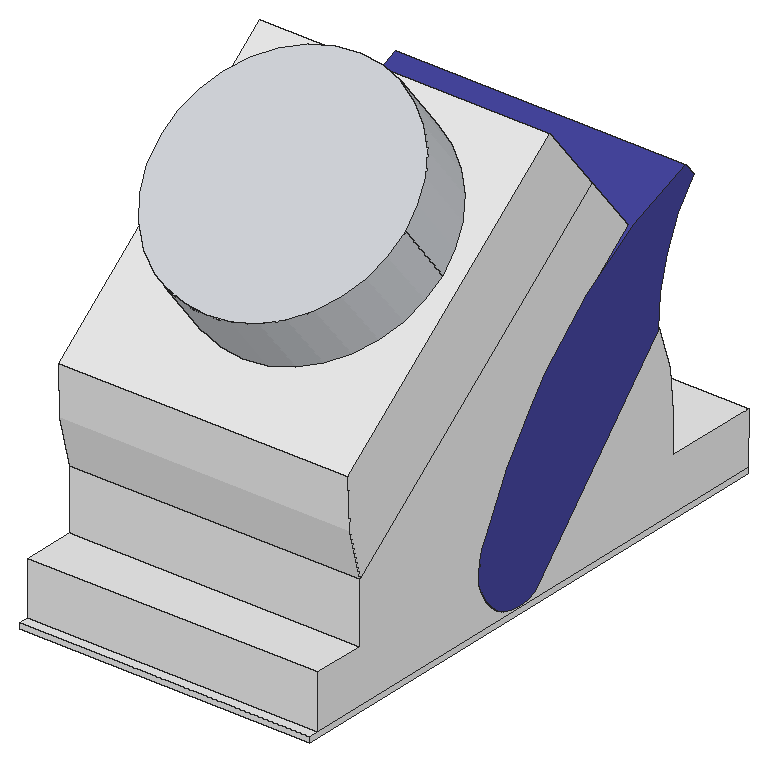
Revit family "Building-IEC309Connections-GEWISS-COMBIBLOC-INTERLOCKED-SOCKET-OUTLETS_IP44_WITHOUT_BOTTOM", category Apparecchi elettrici, host Superficie, Revit 2019
Family settings
  Host = Superficie
  Mantenere orientamento annotazione = Sì
  Quota connettore circolare = Usa diametro
  Tipo di parte = Normale
  Taglio con vuoti quando caricato = No
  Condiviso = No
  Punto di calcolo locali = Sì
Parameters (values of type "GW66442 - COMBIBLOC N.B.IP44 3P+N+E 32A 400V 6H")
  visibilita posizionamento 2d [instance] = yes
  simbolo acceso [instance] = yes
  oggetto in pianta [instance] = not(visibilita posizionamento 2d)  # no
  distanza_simbolo [instance] = 1 mm
  distanza dal piano [instance] = 10 mm
  With back-mounting box = "No"
  W = 115 mm  # constant formula
  Voltaggio = 0 V
  Version file RFA = "21.4"
  VETRO = Vetro
  URL = "https://www.gewiss.com/ww/en"
  Typology = "Compact"
  Thermo-pressure with ball = "125 °C"
  Technical sheet = "https://www.gewiss.com/ww/en/search?q=GW66442"
  Spostamento_effettivo_S [instance] = 4000 mm - Spostamento_S  # 2500 mm
  Spostamento_S = 1500 mm
  Simbolo circuito [instance] = not(simbolo acceso)  # no
  Shock resistance = "IK08"
  STRUTTURA ALTA = blue
  STRUTTURA = RAL - 7035
  SEO = "Interlocked outlet"
  Reference h = "6"
  Realized by GEWISS S.p.A. = ""
  Rated voltage = "380-415V"
  Rated current (A) = "32"
  Protection = "NO (SBF)"
  Default Elevation = 1219.2 mm
  Produttore = "GEWISS S.p.A."
  PRESA = Giallo
  POMELLO = bianco
  Operating temperature: = "-25 +40 °C"
  No. of poles = "3P+N+E"
  N.poli = 1
  Modello = "GW66442"
  L = 155 mm  # constant formula
  Immagine tipo = COMBIBLOC44.jpg
  IP degree = "IP44"
  IDT = "741e4717e3ee4884b61990f959ff1807"
  IDF = "dd829b8d-9985-4c4e-bf32-3d5e44e427e2"
  Glow wire test: = "850 °C (active parts) - 650 °C (passive parts)"
  Frequency = "50/60 Hz"
  FORMULA = 1000 mm * 1  # 1000 mm
  Electrocod = "2220"
  Descrizione = "COMBIBLOC N.B.IP44 3P+N+E 32A 400V 6H"
  Colour: = "Red"
  Catalogue = "BUILDING"
  COBie.Tagnumber = ""
  COBie.CreatedOn = ""
  COBie.CreatebBy = ""
  COBie.ComponentRegisterItemID = ""
  COBie.Component.TagNumber = ""
  COBie.Component.Space = ""
  COBie.Component.SerialNumber = ""
  COBie.Component.InstallationDate = ""
  COBie.Component.Description = ""
  COBie.Component.BarCode = ""
  BLOCCO = "B=C"
Types (18, lengths in mm): name | Technical sheet | Reference h | Rated voltage | Rated current (A) | No. of poles | Modello | IDT | Descrizione | Colour:
  GW66423 - COMBIBLOC N.B.IP44 2P+E 16A 110V 4H | "https://www.gewiss.com/ww/en/search?q=GW66423" | "4" | "100-130V" | "16" | "2P+E" | "GW66423" | "b070a3082dfe4d42b1455b17156b898e" | "COMBIBLOC N.B.IP44 2P+E 16A 110V 4H" | "Yellow"
  GW66424 - COMBIBLOC N.B.IP44 3P+E 16A 110V 4H | "https://www.gewiss.com/ww/en/search?q=GW66424" | "4" | "100-130V" | "16" | "3P+E" | "GW66424" | "893366f800a34f1bbc24e370e80832ec" | "COMBIBLOC N.B.IP44 3P+E 16A 110V 4H" | "Yellow"
  GW66425 - COMBIBLOC N.B.IP44 3P+N+E 16A 110V 4H | "https://www.gewiss.com/ww/en/search?q=GW66425" | "4" | "100-130V" | "16" | "3P+N+E" | "GW66425" | "314015a0e46246db85306dca963d15a3" | "COMBIBLOC N.B.IP44 3P+N+E 16A 110V 4H" | "Yellow"
  GW66426 - COMBIBLOC N.B.IP44 2P+E 16A 230V 6H | "https://www.gewiss.com/ww/en/search?q=GW66426" | "6" | "200-250V" | "16" | "2P+E" | "GW66426" | "c8a2b40a3d0240398ea5fe027ab400a9" | "COMBIBLOC N.B.IP44 2P+E 16A 230V 6H" | "Blue"
  GW66427 - COMBIBLOC N.B.IP44 3P+E 16A 230V 9H | "https://www.gewiss.com/ww/en/search?q=GW66427" | "9" | "200-250V" | "16" | "3P+E" | "GW66427" | "a5756eb833a34e83ad14a229fda6b306" | "COMBIBLOC N.B.IP44 3P+E 16A 230V 9H" | "Blue"
  GW66428 - COMBIBLOC N.B.IP44 3P+N+E 16A 230V 9H | "https://www.gewiss.com/ww/en/search?q=GW66428" | "9" | "200-250V" | "16" | "3P+N+E" | "GW66428" | "ae6a6b7b779541a5b5e4b9112507bedb" | "COMBIBLOC N.B.IP44 3P+N+E 16A 230V 9H" | "Blue"
  GW66429 - COMBIBLOC N.B.IP44 2P+E 16A 400V 9H | "https://www.gewiss.com/ww/en/search?q=GW66429" | "9" | "380-415V" | "16" | "2P+E" | "GW66429" | "86bd7c141657494d9905915458ed8d97" | "COMBIBLOC N.B.IP44 2P+E 16A 400V 9H" | "Red"
  GW66430 - COMBIBLOC N.B.IP44 3P+E 16A 400V 6H | "https://www.gewiss.com/ww/en/search?q=GW66430" | "6" | "380-415V" | "16" | "3P+E" | "GW66430" | "7cf4e54184a34467878504785aa0027b" | "COMBIBLOC N.B.IP44 3P+E 16A 400V 6H" | "Red"
  GW66431 - COMBIBLOC N.B.IP44 3P+N+E 16A 400V 6H | "https://www.gewiss.com/ww/en/search?q=GW66431" | "6" | "380-415V" | "16" | "3P+N+E" | "GW66431" | "39e9dc68fca0476ebcce9adea40bc643" | "COMBIBLOC N.B.IP44 3P+N+E 16A 400V 6H" | "Red"
  GW66434 - COMBIBLOC N.B.IP44 2P+E 32A 110V 4H | "https://www.gewiss.com/ww/en/search?q=GW66434" | "4" | "100-130V" | "32" | "2P+E" | "GW66434" | "5bb01f55f1cc4156b1a7dabf4ffdd4de" | "COMBIBLOC N.B.IP44 2P+E 32A 110V 4H" | "Yellow"
  GW66435 - COMBIBLOC N.B.IP44 3P+E 32A 110V 4H | "https://www.gewiss.com/ww/en/search?q=GW66435" | "4" | "100-130V" | "32" | "3P+E" | "GW66435" | "e1d83dbd287e4582a0ae60767c40068f" | "COMBIBLOC N.B.IP44 3P+E 32A 110V 4H" | "Yellow"
  GW66436 - COMBIBLOC N.B.IP44 3P+N+E 32A 110V 4H | "https://www.gewiss.com/ww/en/search?q=GW66436" | "4" | "100-130V" | "32" | "3P+N+E" | "GW66436" | "23326aeb6b9349d1970ef360becdcc2c" | "COMBIBLOC N.B.IP44 3P+N+E 32A 110V 4H" | "Yellow"
  GW66437 - COMBIBLOC N.B.IP44 2P+E 32A 230V 6H | "https://www.gewiss.com/ww/en/search?q=GW66437" | "6" | "200-250V" | "32" | "2P+E" | "GW66437" | "3aff1e00bf34437e9227315c3bf0513f" | "COMBIBLOC N.B.IP44 2P+E 32A 230V 6H" | "Blue"
  GW66438 - COMBIBLOC N.B.IP44 3P+E 32A 230V 9H | "https://www.gewiss.com/ww/en/search?q=GW66438" | "9" | "200-250V" | "32" | "3P+E" | "GW66438" | "9883f4c0d18c46adad91d82549765c6d" | "COMBIBLOC N.B.IP44 3P+E 32A 230V 9H" | "Blue"
  GW66439 - COMBIBLOC N.B.IP44 3P+N+E 32A 230V 9H | "https://www.gewiss.com/ww/en/search?q=GW66439" | "9" | "200-250V" | "32" | "3P+N+E" | "GW66439" | "b97dfc53be834e55b56f490f3560ce28" | "COMBIBLOC N.B.IP44 3P+N+E 32A 230V 9H" | "Blue"
  GW66440 - COMBIBLOC N.B.IP44 2P+E 32A 400V 9H | "https://www.gewiss.com/ww/en/search?q=GW66440" | "9" | "380-415V" | "32" | "2P+E" | "GW66440" | "efbc61ba44e349808c2514670658ab27" | "COMBIBLOC N.B.IP44 2P+E 32A 400V 9H" | "Red"
  GW66441 - COMBIBLOC N.B.IP44 3P+E 32A 400V 6H | "https://www.gewiss.com/ww/en/search?q=GW66441" | "6" | "380-415V" | "32" | "3P+E" | "GW66441" | "b72b8a46eef44e58980f13d0af548e2a" | "COMBIBLOC N.B.IP44 3P+E 32A 400V 6H" | "Red"
  GW66442 - COMBIBLOC N.B.IP44 3P+N+E 32A 400V 6H | "https://www.gewiss.com/ww/en/search?q=GW66442" | "6" | "380-415V" | "32" | "3P+N+E" | "GW66442" | "741e4717e3ee4884b61990f959ff1807" | "COMBIBLOC N.B.IP44 3P+N+E 32A 400V 6H" | "Red"
Reference planes
  plane 1 "Centro (Fronte/Retro)": y = 0
  plane 2: z = 0
  plane 3 "Centro (Sinistra/Destra)": x = 0
  plane 4: x = -3000
  plane 5: x = -500
  plane 6: z = 10
Lines and regions (mm)
  symbolic lines, visible <- "visibilita posizionamento 2d"
    curve 1: line (0, 0, 10) -> (0, 0, 115)
    curve 2: line (0, 0, 115) -> (71, 0, 115)
    curve 3: line (71, 0, 115) -> (71, 0, 10)
    curve 4: line (0, 0, 10) -> (71, 0, 10)
  symbolic lines, visible <- "visibilita posizionamento 2d", not visible
    curve 5: line (0, 0, 0) -> (0, 0, 105)
    curve 6: line (0, 0, 105) -> (71, 0, 105)
    curve 7: line (71, 0, 105) -> (71, 0, 0)
    curve 8: line (0, 0, 0) -> (71, 0, 0)
Dimensions and locks
  plane 4 to plane 3 "Centro (Sinistra/Destra)" = 3000 mm
  "Spostamento_effettivo_S": plane 4 to plane 5
  "distanza dal piano": plane 6 to plane 2
  aligned and locked: plane 2 to host face
  aligned and locked: level to host face
  aligned and locked: nested 1 to plane 5
  aligned and locked: curve 4 to plane 6
  aligned and locked: plane 5 to nested 2
  aligned and locked: plane 3 "Centro (Sinistra/Destra)" to nested 3
  aligned and locked: plane 1 "Centro (Fronte/Retro)" to nested 3
  aligned and locked: nested 3 to plane 3 "Centro (Sinistra/Destra)"
Automatic sketch dimensions
  host sketch curve to host sketch curve = 2438.4 mm  (x2)
  curve 1 to curve 3 = 71 mm
  curve 3 to curve 3 = 105 mm
  curve 5 to curve 7 = 71 mm
  curve 7 to curve 7 = 105 mm
Nested families
  nested 1: "PRESAINDPFUS" at (-500, 247.795, 0), SIMBOLO ACCESO <- "simbolo acceso", Distanza dal muro <- "distanza_simbolo", visible <- "simbolo acceso", type "3P"
    with SIMBOLO ACCESO yes, Distanza dal muro 1 mm, BORDO ACCESO yes
  nested 2: "simbolo_circuitoGW66201N" at (-499.076, 249.682, 0), Distanza dal muro <- "distanza_simbolo", visible <- "Simbolo circuito", type "3P"
    with SIMBOLO ACCESO yes, Distanza dal muro 1 mm, BORDO ACCESO yes
  nested 3: "BASE_IB PRESE INTERBLOC COMPATTE NO FONDO IP44" at (0, 69.265, 0), type "BASE_IB PRESE INTERBLOC COMPATTE NO FONDO IP44"
Connectors
  electrical at (35.5, 64.801, 1.375), driven by "N.poli", driven by "Voltaggio"
    settings: on nested 3, index 1, voltage 0 V, apparent load 0 VA, apparent load phase1 0 VA, apparent load phase2 0 VA, apparent load phase3 0 VA, power factor 1, load classification "Altro", number of poles 1, system type 31, power factor state 1, is connector primary yes, connector utility no, sub classification motor no, connector description ""
Definition of nested family "BASE_IB PRESE INTERBLOC COMPATTE NO FONDO IP44"
  Parameters (values of type "BASE_IB PRESE INTERBLOC COMPATTE NO FONDO IP44")
    POTENZA IN WOLT = 0 V
    N_POLI = 1
    CENTRALE = none
  Reference planes
    plane 1 "Centro (Fronte/Retro)": y = 0
    plane 2: z = 0
    plane 3 "Centro (Sinistra/Destra)": x = 0
    plane 4 "EEE": through (4267.2, -291.041, 143.375) normal (0, -0.788, -0.6157)
    plane 5: x = 71
    plane 6: x = 51
    plane 7: x = 48
  Forms (mm)
    Extrusion 1, solid
      sketch origin (0, -203.338, -237.255) x (0, 0, -1) y (0, 1, 0)
        loop
          line (-322.202, 218.222) -> (-266.481, 146.902) -> (-251.685, 146.876) -> (-251.685, 134.073) -> (-238.63, 134.073) -> (-238.63, 266.073) -> (-251.685, 266.073) -> (-251.685, 242.988) -> (-260.817, 242.988)
          arc (-260.817, 242.988) -> (-271.303, 241.907) -> (-281.357, 238.739) r 51.89
          line (-281.357, 238.739) -> (-239.989, 200.756)
          arc (-239.989, 200.756) -> (-243.657, 186.196) -> (-258.66, 185.608) r 12.53
          arc (-258.66, 185.608) -> (-277.82, 196.415) -> (-294.049, 211.266) r 96.883
          arc (-294.049, 211.266) -> (-301.135, 220.206) -> (-308.19, 229.17) r 3334.308
          line (-308.19, 229.17) -> (-322.202, 218.222)
      from 0 to 71
    Extrusion 2, solid
      sketch origin (0, -203.338, -237.255) x (0, 0, -1) y (0, 1, 0)
        loop
          arc (-313.71, 246.882) -> (-293.021, 210.103) -> (-258.66, 185.608) r 96.883
          arc (-258.66, 185.608) -> (-243.657, 186.196) -> (-239.989, 200.756) r 12.53
          line (-239.989, 200.756) -> (-280.857, 238.28)
          arc (-280.857, 238.28) -> (-296.734, 241.043) -> (-310.55, 249.339) r 43.984
          line (-310.55, 249.339) -> (-313.71, 246.882)
      from 0 to 71
    Extrusion 3, solid
      sketch origin (0, -203.338, -237.255) x (0, 0, -1) y (0, 1, 0)
        loop
          line (-322.202, 218.222) -> (-338.825, 205.235) -> (-290.465, 143.337)
          arc (-290.465, 143.337) -> (-278.287, 143.866) -> (-266.482, 146.903) r 58.569
          line (-266.482, 146.903) -> (-322.202, 218.222)
      from 0 to 71
    Extrusion 4, solid
      sketch origin (2.5, -229.189, -179.411) x (0, -0.788011, -0.615661) y (1, 0, 0)
        loop
          circle (-320.903, 33.712) r 30
      from 79.145 to 97.62
    Extrusion 5, solid
      sketch origin (0, 52.766, -37.165) x (0, 0, -1) y (0, 1, 0)
        loop
          line (-38.54, 9.97) -> (-38.54, -124.428) -> (-37.165, -124.428) -> (-37.165, 9.97) -> (-38.54, 9.97)
      from 0 to 71
    Extrusion 6, solid, not visible
      sketch origin (0, 200.09, -256.103) x (0, 1, 0) y (0, 0, 1)
        loop
          line (-322.202, 218.222) -> (-266.481, 146.902) -> (-251.685, 146.876) -> (-251.685, 134.073) -> (-238.63, 134.073) -> (-238.63, 266.073) -> (-251.685, 266.073) -> (-251.685, 242.988) -> (-260.817, 242.988)
          arc (-260.817, 242.988) -> (-271.303, 241.907) -> (-281.357, 238.739) r 51.89
          line (-281.357, 238.739) -> (-239.989, 200.756)
          arc (-239.989, 200.756) -> (-243.657, 186.196) -> (-258.66, 185.608) r 12.53
          arc (-258.66, 185.608) -> (-277.82, 196.415) -> (-294.049, 211.266) r 96.883
          arc (-294.049, 211.266) -> (-301.135, 220.206) -> (-308.19, 229.17) r 3334.308
          line (-308.19, 229.17) -> (-322.202, 218.222)
      from 0 to 71
    Extrusion 7, solid, not visible
      sketch origin (0, 200.09, -256.103) x (0, 1, 0) y (0, 0, 1)
        loop
          arc (-313.71, 246.882) -> (-293.021, 210.103) -> (-258.66, 185.608) r 96.883
          arc (-258.66, 185.608) -> (-243.657, 186.196) -> (-239.989, 200.756) r 12.53
          line (-239.989, 200.756) -> (-280.857, 238.28)
          arc (-280.857, 238.28) -> (-296.734, 241.043) -> (-310.55, 249.339) r 43.984
          line (-310.55, 249.339) -> (-313.71, 246.882)
      from 0 to 71
    Extrusion 8, solid, not visible
      sketch origin (0, 200.09, -256.103) x (0, 1, 0) y (0, 0, 1)
        loop
          line (-322.202, 218.222) -> (-338.825, 205.235) -> (-290.465, 143.337)
          arc (-290.465, 143.337) -> (-278.287, 143.866) -> (-266.482, 146.903) r 58.569
          line (-266.482, 146.903) -> (-322.202, 218.222)
      from 0 to 71
    Extrusion 9, solid, not visible
      sketch origin (2.5, 142.247, -281.955) x (0, 0.615661, -0.788011) y (1, 0, 0)
        loop
          circle (-320.903, 33.712) r 30
      from 79.145 to 97.62
    Extrusion 10, solid, not visible
      sketch origin (0, 0, 0) x (0, 1, 0) y (0, 0, 1)
        loop
          line (-38.54, 9.97) -> (-38.54, -124.428) -> (-37.165, -124.428) -> (-37.165, 9.97) -> (-38.54, 9.97)
      from 0 to 71
  Dimensions and locks
    plane 3 "Centro (Sinistra/Destra)" to plane 5 = 71 mm
    locked: plane 7 to plane 6 at 3
    aligned and locked: level to plane 2
    aligned and locked: Extrusion 4 to Extrusion 3
    aligned and locked: Extrusion 9 to Extrusion 8
Definition of nested family "PRESAINDPFUS"
  Parameters (values of type "2P")
    SIMBOLO ACCESO [instance] = yes
    SIMBOLO = PRESAINDPFUS_BASE : 2P
    Distanza dal muro [instance] = 0 mm
    BORDO ACCESO [instance] = yes
  Types (2, lengths in mm): name | SIMBOLO
    2P | PRESAINDPFUS_BASE : 2P
    3P | PRESAINDPFUS_BASE : 3P
  Reference planes
    plane 1: y = 0
    plane 2: x = 0
  Dimensions and locks
    "Distanza dal muro": plane 1 to nested 1
    aligned and locked: plane 2 to nested 1
  Nested families
    nested 1: "PRESAINDPFUS_BASE" at (0, 0, 0), type <- "SIMBOLO", CORNICE SIMBOLO <- "BORDO ACCESO", visible <- "SIMBOLO ACCESO", type "2P"
  Definition of nested family "PRESAINDPFUS_BASE"
    Parameters (values of type "3P")
      CORNICE SIMBOLO [instance] = yes
      3P = yes
    Types (2, lengths in mm): name | 3P
      3P | yes
      2P | no
    Reference planes
      plane 1: y = 0
      plane 2: x = 0
    Lines and regions (mm)
      detail lines, visible <- "CORNICE SIMBOLO"
        curve 1: line (-0.9, 2.4, 0) -> (0.9, 2.4, 0)
        curve 2: line (0.9, 2.4, 0) -> (0.9, 0.1, 0)
        curve 3: line (0.9, 0.1, 0) -> (-0.9, 0.1, 0)
        curve 4: line (-0.9, 0.1, 0) -> (-0.9, 2.4, 0)
      detail lines, not visible
        curve 5: line (-2.443, 10.208, 0) -> (2.057, 10.208, 0)
        curve 6: line (2.057, 10.208, 0) -> (2.057, 4.208, 0)
        curve 7: line (2.057, 4.208, 0) -> (-2.443, 4.208, 0)
        curve 8: line (-2.443, 4.208, 0) -> (-2.443, 10.208, 0)
        curve 9: line (-2.043, 9.808, 0) -> (1.657, 9.808, 0)
        curve 10: line (1.657, 9.808, 0) -> (1.657, 4.608, 0)
        curve 11: line (1.657, 4.608, 0) -> (-2.043, 4.608, 0)
        curve 12: line (-2.043, 4.608, 0) -> (-2.043, 9.808, 0)
      detail lines
        curve 13: line (-0.45, 1.069, 0) -> (-0.167, 1.069, 0)
        curve 14: line (-0.167, 1.069, 0) -> (0.33, 1.929, 0)
        curve 15: line (0.33, 1.929, 0) -> (0.836, 1.636, 0)
        curve 16: line (-0.167, 1.069, 0) -> (-0.45, 0.578, 0)
        curve 17: line (-0.45, 0.578, 0) -> (-0.45, 2.341, 0)
        curve 18: line (0.135, 1.591, 0) -> (0.641, 1.299, 0)
        curve 19: line (-0.84, 0.578, 0) -> (-0.06, 0.578, 0)
        curve 20: line (-0.45, 0.952, 0) -> (-0.333, 1.069, 0)
        curve 21: line (-0.45, 0.883, 0) -> (-0.264, 1.069, 0)
        curve 22: line (-0.45, 0.814, 0) -> (-0.195, 1.069, 0)
        curve 23: line (-0.45, 0.745, 0) -> (-0.223, 0.972, 0)
        curve 24: line (-0.45, 0.676, 0) -> (-0.317, 0.809, 0)
        curve 26: arc (-0.84, 0.189, 0) -> (-0.45, 0.578, 0) -> (-0.06, 0.189, 0) r 0.39
        curve 27: line (-0.608, 1.243, 0) -> (-0.608, 2.064, 0)
        curve 28: line (-0.608, 2.064, 0) -> (-0.292, 2.064, 0)
        curve 29: line (-0.292, 2.064, 0) -> (-0.292, 1.243, 0)
        curve 30: line (-0.292, 1.243, 0) -> (-0.608, 1.243, 0)
      detail lines, visible <- "3P"
        curve 25: line (-0.06, 1.254, 0) -> (0.446, 0.961, 0)
Definition of nested family "simbolo_circuitoGW66201N"
  Parameters (values of type "3P")
    SIMBOLO ACCESO [instance] = yes
    SIMBOLO = PRESAINDSTAGNA_BASE : 3P
    Distanza dal muro [instance] = 0 mm
    BORDO ACCESO [instance] = yes
  Reference planes
    plane 1: y = 0
    plane 2: x = 0
  Dimensions and locks
    "Distanza dal muro": plane 1 to nested 1
    aligned and locked: plane 2 to nested 1
  Nested families
    nested 1: "GW66201N-simb_base_di circuito" at (0, 0, 0), visible <- "SIMBOLO ACCESO", type "3P"
      with CORNICE SIMBOLO yes
  Definition of nested family "GW66201N-simb_base_di circuito"
    Parameters (values of type "3P")
      CORNICE SIMBOLO [instance] = yes
      3P = yes
    Types (2, lengths in mm): name | 3P
      3P | yes
      2P | no
    Reference planes
      plane 1: y = 0
      plane 2: x = 0
    Lines and regions (mm)
      detail lines, not visible
        curve 1: line (-2.443, 10.208, 0) -> (2.057, 10.208, 0)
        curve 2: line (2.057, 10.208, 0) -> (2.057, 4.208, 0)
        curve 3: line (2.057, 4.208, 0) -> (-2.443, 4.208, 0)
        curve 4: line (-2.443, 4.208, 0) -> (-2.443, 10.208, 0)
        curve 5: line (-2.043, 9.808, 0) -> (1.657, 9.808, 0)
        curve 6: line (1.657, 9.808, 0) -> (1.657, 4.608, 0)
        curve 7: line (1.657, 4.608, 0) -> (-2.043, 4.608, 0)
        curve 8: line (-2.043, 4.608, 0) -> (-2.043, 9.808, 0)
    Dimensions and locks
      aligned and locked: import instance to plane 2
      aligned and locked: plane 1 to import instance
